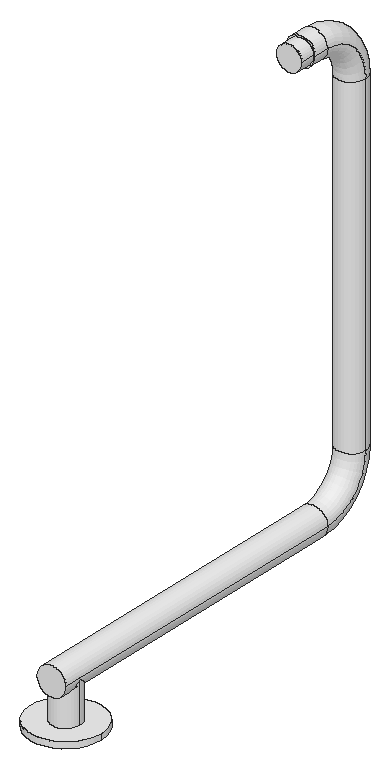
Revit family "CL10055-C_CLARK UPSWEPT WALL ARM 400MM", category Plumbing Fixtures, host Face, Revit 2015
Parameters (values of type "CLARK UPSWEPT WALL ARM 400MM")
  Waste Connection = no
  Vent Connection = no
  URL = "https://www.clark.com.au/"
  Model = "CL10055.C"
  Material_Base = GWA_Metal-Chrome
  Manufacturer = "GWA Bathrooms & Kitchens"  # constant formula
  HW Connection = no
  Description = "CLARK UPSWEPT WALL ARM 400MM"
  Default Elevation = 0 mm
  CreatedBy_ANZRS = "GWA Bathrooms & Kitchens"  # constant formula
  CW Connection = no
  Assembly Code = "D2010710"
Reference planes
  plane 1 "Center (Front/Back)": y = 0
  plane 2: z = 0
  plane 3 "Center (Left/Right)": x = 0
Forms (mm)
  Extrusion 1, solid, material "GWA_Metal-Chrome" <- "Material_Base"
    sketch origin (0, 0, 0) x (1, 0, 0) y (0, 1, 0)
      loop
        circle (0, 0) r 30
    from 0 to 5
  Sweep 2, solid, material "GWA_Metal-Chrome" <- "Material_Base"
    path origin (0, 0, 0) x (0, 1, 0) y (0, 0, 1)
      loop
        line (-15, 40.2) -> (260, 40.2)
        arc (260, 40.2) -> (288.284, 51.916) -> (300, 80.2) r 40
        line (300, 80.2) -> (300, 360)
        arc (300, 360) -> (288.284, 388.284) -> (260, 400) r 40
        line (260, 400) -> (247, 400)
    profile origin (0, 122.5, 40.2) x (0, 0, 1) y (1, 0, 0)
      loop
        circle (0, 0) r 12
  Extrusion 3, solid, material "GWA_Metal-Chrome" <- "Material_Base"
    sketch origin (0, 0, 0) x (1, 0, 0) y (0, 0, 1)
      loop
        circle (0, 400) r 10.5
    from -247 to -235
  Extrusion 4, solid, material "GWA_Metal-Chrome" <- "Material_Base"
    sketch origin (0, 0, 0) x (1, 0, 0) y (0, 1, 0)
      loop
        circle (0, 0) r 12
    from 5 to 40.2
Lines and regions (mm)
  Masking region 1
    outline origin (0, 0, 0) x (0, 1, 0) y (0, 0, 1)
      loop
        line (-30, 0) -> (30, 0) -> (30, 5) -> (12, 5) -> (12, 28.2) -> (260, 28.2)
        arc (260, 28.2) -> (296.77, 43.43) -> (312, 80.2) r 52
        line (312, 80.2) -> (312, 360)
        arc (312, 360) -> (296.77, 396.77) -> (260, 412) r 52
        line (260, 412) -> (247, 412) -> (247, 410.5) -> (235, 410.5) -> (235, 389.5) -> (247, 389.5) -> (247, 388) -> (260, 388)
        arc (260, 388) -> (279.799, 379.799) -> (288, 360) r 28
        line (288, 360) -> (288, 80.2)
        arc (288, 80.2) -> (279.799, 60.401) -> (260, 52.2) r 28
        line (260, 52.2) -> (-15, 52.2) -> (-15, 28.2) -> (-12, 28.2) -> (-12, 5) -> (-30, 5) -> (-30, 0)
  Masking region 2
    outline origin (0, 0, 0) x (1, 0, 0) y (0, 0, 1)
      loop
        arc (12, 400) -> (0, 412) -> (-12, 400) r 12
        line (-12, 400) -> (-12, 5) -> (-30, 5) -> (-30, 0) -> (30, 0) -> (30, 5) -> (12, 5) -> (12, 400)
  Masking region 3
    outline origin (0, 0, 0) x (1, 0, 0) y (0, 1, 0)
      loop
        arc (-30, 0) -> (0, -30) -> (30, 0) r 30
        arc (30, 0) -> (25.1, 16.432) -> (12, 27.495) r 30
        line (12, 27.495) -> (12, 300)
        arc (12, 300) -> (0, 312) -> (-12, 300) r 12
        line (-12, 300) -> (-12, 27.495)
        arc (-12, 27.495) -> (-25.1, 16.432) -> (-30, 0) r 30
  symbolic lines
    curve 1: line (0, -15, 52.2) -> (0, 33.933, 52.2)
    curve 2: line (0, -12, 28.2) -> (0, 0, 40.2)
    curve 3: line (0, 0, 40.2) -> (0, 12, 28.2)
    curve 4: line (0, 247, 410.5) -> (0, 247, 389.5)
    curve 5: line (0, -12, 5) -> (0, 12, 5)
    curve 6: arc (12, 0, 40.2) -> (0, 0, 28.2) -> (-12, 0, 40.2) r 12
    curve 7: line (12, 0, 5) -> (-12, 0, 5)
    curve 8: line (-12, -15, 0) -> (12, -15, 0)
    curve 9: line (12, -15, 0) -> (12, 27.495, 0)
    curve 10: line (-12, 27.495, 0) -> (-12, -15, 0)
    curve 11: line (-10.5, 235, 0) -> (10.498, 235, 0)
    curve 12: line (-10.5, 235, 0) -> (-10.5, 247, 0)
    curve 13: line (-12, 247, 0) -> (12, 247, 0)
    curve 14: line (10.498, 247, 0) -> (10.498, 235, 0)
Dimensions and locks
  aligned and locked: plane 2 to host face
  aligned and locked: level to host face
